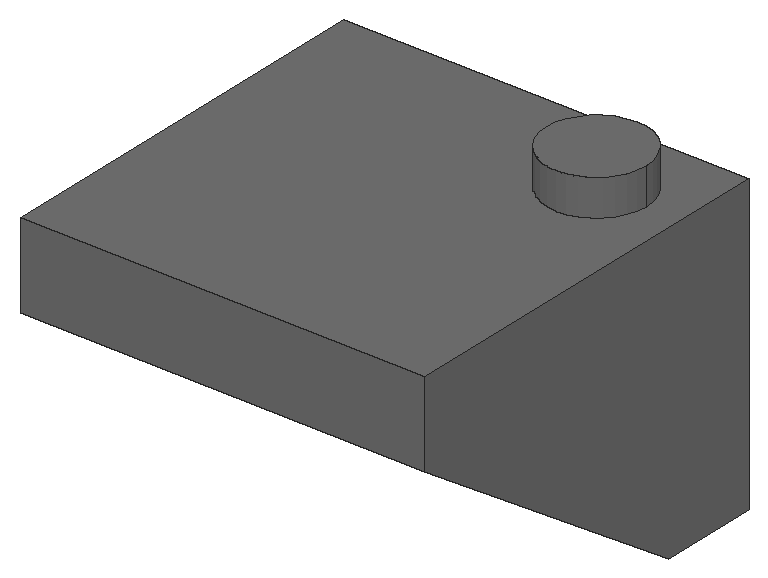
Revit family "v-50_509rh5(-s)_50Hz", category 機械設備, Revit 2019
Family settings
  丸型コネクタ寸法 = 直径を使用
  パーツ タイプ = 標準
  OmniClass 番号 = 23.75.35.17.27
  OmniClass タイトル = Centrifugal Fans
  作業面ベース = いいえ
  常に垂直 = はい
  ロード時にボイドで切り取り = いいえ
  共有 = いいえ
  部屋計算ポイント = いいえ
Parameters (values of type "V-50RH5")
  騒音レベル(dB(A)) = 49.5
  風量 = 600.0 m³/h
  電源種別 [instance] = ""
  電圧 = 100 V
  電動機出力 = 0 W
  電動機_種別 = ""
  集中コントローラ = ""
  運転質量 = 0.00 kg
  連動 [instance] = ""
  質量 = if(製品質量 > 運転質量, 製品質量, 運転質量) * 1.2  # 24.60 kg
  負荷分類 = 3_ファン類
  説明 = "レンジフードファン デルタキャッチ形"
  設計風量 = 0.0 m³/h
  設置方法 = "天吊"
  記号 [instance] = ""
  製造元 = "三菱電機株式会社"
  製品質量 = 20.50 kg
  製品出荷対象 = "国内"
  製品リリース年月 = "2022年6月1日"
  製品グループ = ""
  系統 [instance] = ""
  符号 = if(☑給気／□排気, "FS", "FE")  # "FE"
  積算_科目 = "2 換気設備"
  積算_拾い区分 [instance] = ""
  相 = 1
  盤記号 [instance] = ""
  発停方法 [instance] = ""
  特殊仕様 [instance] = ""
  火災停止 [instance] = ""
  消費電力 = 120 W
  法定耐用年数 = "15"
  機外静圧_排気 = 210.0 Pa
  機外静圧 = 0.0 Pa
  極数 = 2
  材質 [instance] = ""
  操作・制御方式 = ""
  操作・制御スイッチ = ""
  排気量 = 0.0 m³/h
  形式 = "片吸込形"
  幹線記号 [instance] = ""
  対象室 [instance] = ""
  実風量 = 0.0 m³/h
  始動方式 [instance] = "直入"
  天吊用穴_ピッチ = 520 mm
  天吊用穴_D = 300 mm
  外気量 = 0.0 m³/h
  呼称 = "遠心送風機"
  周波数 = 50 Hz
  参照している仕様書等のバージョン = ""
  分類コード = "50052503100060"
  分類グループ = ""
  価格 = 119000
  企業コード = "108420"
  付属品_フィルター_還気 = ""
  付属品_フィルター = ""
  付属品 [instance] = ""
  仕様書バージョン = "Version1.0"
  モデル = "V-50RH5"
  マテリアル = 鋼板(黒)
  ファンの種類 = ""
  ダクト径 = 150 mm
  コメント [instance] = ""
  Keynote = ""
  Assembly Code = ""
  ☑給気／□排気 = no
  Width = 600 mm
  W1 = Width / 2  # 300 mm
  Version = ""
  Uniclass2015Version = "Systems v1.9"
  Uniclass2015Title = "Centrifugal fans"
  Uniclass2015Code = "Pr_65_67_29_12"
  URL = "https://www.mitsubishielectric.co.jp/ldg/wink/ssl/displayProduct.do?pid=320886"
  SpecificationReference = ""
  SpecificationDescription = ""
  Revision = ""
  ProductInformation = ""
  OmniClassCode = "23-33 31 19 13 15"
  EAダクト接続口_後部 = no
  MIN風量 = 145.0 m³/h
  MIN静圧 = 0.0 Pa
  MID風量 = 420.0 m³/h
  MID静圧 = 0.0 Pa
  MAX風量 = 600.0 m³/h
  MAX静圧 = 0.0 Pa
  IfcTypeProduct = ""
  IfcProduct = ""
  IfcExportType = "CENTRIFUGALFORWARDCURVED"
  IfcExportAs = "IfcFanType"
  Height = 440 mm
  H1 = 126 mm
  EAダクト接続口_上部左 = no
  EAダクト接続口_上部右 = yes
  EAサイズ_D = 148 mm
  Duct_Pitch = 350 mm
  Duct_Height = 54 mm
  Duct_D = 125 mm
  Duct_H = 100 mm
  Depth = 600 mm
  D1 = 148 mm
  Clearance Top = 0 mm
  Clearance Right = 0 mm
  Clearance Left = 0 mm
  Clearance Front = 0 mm
  Clearance Bottom = 0 mm
  Clearance Back = 0 mm
  Author = "三菱電機株式会社"
Types (4, lengths in mm): name | 質量 | 製品質量 | 価格 | モデル | マテリアル | Width | W1 | URL
  V-50RH5 | 24.60 kg | 20.50 kg | 119000 | "V-50RH5" | 鋼板(黒) | 600 | 300 | "https://www.mitsubishielectric.co.jp/ldg/wink/ssl/displayProduct.do?pid=320886"
  V-507RH5 | 27.00 kg | 22.50 kg | 133900 | "V-507RH5" | 鋼板(黒) | 750 | 375 | "https://www.mitsubishielectric.co.jp/ldg/wink/ssl/displayProduct.do?pid=320855"
  V-509RH5 | 29.40 kg | 24.50 kg | 171200 | "V-509RH5" | 鋼板(黒) | 900 | 450 | "https://www.mitsubishielectric.co.jp/ldg/wink/ssl/displayProduct.do?pid=320857"
  V-507RH5-S | 27.00 kg | 22.50 kg | 178900 | "V-507RH5-S" | 鋼板(シルバー) | 750 | 375 | "https://www.mitsubishielectric.co.jp/ldg/wink/ssl/displayProduct.do?pid=320856"
Reference planes
  plane 1 "中心(正面/背面)": y = 0
  plane 2: z = 0
  plane 3 "中心(左/右)": x = 0
  plane 4: x = -300
  plane 5: x = 300
  plane 6: y = -600
  plane 7: z = -440
  plane 8: z = -126
  plane 9: z = 54
  plane 10: y = -300
  plane 11: y = -148
  plane 12: x = -175
  plane 13: x = 175
  plane 14: y = -125
  plane 15: z = -100
  plane 16: y = 54
  plane 17: x = -150
  plane 18: x = 150
  plane 19: x = -260
  plane 20: x = 260
  plane 21: y = -300
Forms (mm)
  Extrusion 1, solid, material "鋼板(黒)" <- "マテリアル", detail levels fine
    sketch origin (0, 0, 0) x (1, 0, 0) y (0, 1, 0)
      loop
        line (-300, 0) -> (-300, -148) -> (300, -148) -> (300, 0) -> (-300, 0)
    from -440 to 0
  Blend 2, solid, material "鋼板(黒)" <- "マテリアル", detail levels fine
    base sketch origin (0, 0, 0) x (1, 0, 0) y (0, 0, 1)
      loop
        line (-300, -440) -> (300, -440) -> (300, 0) -> (-300, 0) -> (-300, -440)
    top sketch origin (0, 0, 0) x (1, 0, 0) y (0, 0, 1)
      loop
        line (-300, -126) -> (300, -126) -> (300, 0) -> (-300, 0) -> (-300, -126)
    from 148 to 600
  Extrusion 3, solid, material "鋼板(黒)" <- "マテリアル", visible <- "EAダクト接続口_上部右", detail levels fine
    sketch origin (0, 0, 0) x (1, 0, 0) y (0, 1, 0)
      loop
        circle (175, -125) r 74
    from 0 to 54
  Extrusion 4, solid, material "鋼板(黒)" <- "マテリアル", visible <- "EAダクト接続口_上部左", detail levels fine
    sketch origin (0, 0, 0) x (1, 0, 0) y (0, 1, 0)
      loop
        circle (-175, -125) r 74
    from 0 to 54
  Extrusion 5, solid, material "鋼板(黒)" <- "マテリアル", visible <- "EAダクト接続口_後部", detail levels fine
    sketch origin (0, 0, 0) x (1, 0, 0) y (0, 0, 1)
      loop
        circle (0, -100) r 74
    from -54 to 0
Cuts and joins
  joined: Extrusion 1, Blend 2
Lines and regions (mm)
  Masking region 1, detail levels coarse+medium
    outline origin (1326.5, 29, 0) x (1, 0, 0) y (0, 1, 0)
      loop
        line (-1626.5, -29) -> (-1626.5, -629) -> (-1026.5, -629) -> (-1026.5, -29) -> (-1626.5, -29)
  symbolic lines, detail levels coarse+medium
    curve 1: circle (-150, -300, 0) r 150 normal (0, 0, 1)
    curve 2: circle (150, -300, 0) r 150 normal (0, 0, 1)
Dimensions and locks
  equal spacing: plane 4, plane 3 "中心(左/右)", plane 5
  "Width": plane 4 to plane 5
  equal spacing: plane 6, plane 10, plane 1 "中心(正面/背面)"
  "Depth": plane 1 "中心(正面/背面)" to plane 6
  "D1": plane 1 "中心(正面/背面)" to plane 11
  equal spacing: plane 12, plane 3 "中心(左/右)", plane 13
  "Duct_Pitch": plane 12 to plane 13
  "Duct_D": plane 1 "中心(正面/背面)" to plane 14
  "Height": level to plane 7
  "H1": level to plane 8
  "Duct_Height": plane 9 to level
  "Duct_H": level to plane 15
  "Duct_Height": plane 16 to plane 1 "中心(正面/背面)"
  equal spacing: plane 4, plane 17, plane 3 "中心(左/右)"
  equal spacing: plane 3 "中心(左/右)", plane 18, plane 5
  equal spacing: plane 19, plane 3 "中心(左/右)", plane 20
  "天吊用穴_ピッチ": plane 19 to plane 20
  "天吊用穴_D": plane 1 "中心(正面/背面)" to plane 21
  "EAサイズ_D": diameter of Extrusion 3 sketch curve
  "EAサイズ_D": diameter of Extrusion 4 sketch curve
  "EAサイズ_D": diameter of Extrusion 5 sketch curve
  "W1": diameter of curve 1
  "W1": diameter of curve 2
  aligned and locked: level to plane 2
  aligned and locked: Masking region 1 to plane 4
  aligned and locked: plane 5 to Masking region 1
  aligned and locked: Masking region 1 to plane 6
  aligned and locked: Masking region 1 to plane 1 "中心(正面/背面)"
  aligned and locked: plane 1 "中心(正面/背面)" to Extrusion 1 sketch curve
  aligned and locked: plane 4 to Extrusion 1 sketch curve
  aligned and locked: plane 11 to Extrusion 1 sketch curve
  aligned and locked: Extrusion 1 sketch curve to plane 5
  aligned and locked: Blend 2 sketch curve to plane 7
  aligned and locked: level to Blend 2 sketch curve  (x2)
  aligned and locked: Blend 2 sketch curve to plane 5
  aligned and locked: Blend 2 sketch curve to plane 8
  aligned and locked: Blend 2 sketch curve to plane 4
  aligned and locked: var sketch to Blend 2 sketch curve
  aligned and locked: Extrusion 1 to plane 7
  aligned and locked: level to Extrusion 1
  aligned and locked: Blend 2 to plane 6
  aligned and locked: plane 11 to Blend 2
  aligned and locked: plane 9 to Extrusion 3
  aligned and locked: Extrusion 3 to level
  aligned and locked: plane 9 to Extrusion 4
  aligned and locked: Extrusion 4 to level
  aligned and locked: plane 16 to Extrusion 5
  aligned and locked: plane 1 "中心(正面/背面)" to Extrusion 5
  aligned and locked: nested 1 to plane 21
  aligned and locked: plane 19 to nested 1
  aligned and locked: plane 20 to nested 1
Automatic sketch dimensions
  Masking region 1 sketch curve to plane 4 = 0 mm
  Masking region 1 sketch curve to plane 5 = 0 mm
  Masking region 1 sketch curve to plane 6 = 0 mm
  plane 1 "中心(正面/背面)" to Masking region 1 sketch curve = 0 mm
  Blend 2 sketch curve to plane 4 = 0 mm
  Extrusion 3 sketch curve to plane 13 = 0 mm
  Extrusion 3 sketch curve to plane 14 = 0 mm
  Extrusion 4 sketch curve to plane 12 = 0 mm
  Extrusion 4 sketch curve to plane 14 = 0 mm
  Extrusion 5 sketch curve to plane 3 "中心(左/右)" = 0 mm
  Extrusion 5 sketch curve to plane 15 = 0 mm
  curve 1 to plane 10 = 0 mm
  curve 1 to plane 17 = 0 mm
  curve 2 to plane 10 = 0 mm
  curve 2 to plane 18 = 0 mm
Nested families
  nested 1: "固定点" at (-260, -300, 0), type "固定点"
    with W 520 mm, D 1000 mm
Connectors
  hvac at (175, -125, 54), driven by "ダクト径", driven by "機外静圧", driven by "風量"
    settings: on Extrusion 3, index 1, duct flow 600.0 m³/h, flow factor 0, pres drop 0.0 Pa, loss coef 0, conn angle 0.00°, conn width 304.8 mm, conn height 304.8 mm, conn diameter 150 mm, duct sys type 3, conn prof type 0, flow config 0, flow direction 2, loss method 4, conn ref index -1, conn util no, is conn primary yes, conn desc ""
  hvac at (-175, -125, 54), driven by "ダクト径", driven by "機外静圧", driven by "風量"
    settings: on Extrusion 4, index 2, duct flow 600.0 m³/h, flow factor 0, pres drop 0.0 Pa, loss coef 0, conn angle 0.00°, conn width 304.8 mm, conn height 304.8 mm, conn diameter 150 mm, duct sys type 3, conn prof type 0, flow config 0, flow direction 2, loss method 4, conn ref index -1, conn util no, is conn primary no, conn desc ""
  hvac at (0, 54, -100), driven by "ダクト径", driven by "機外静圧", driven by "風量"
    settings: on Extrusion 5, index 3, duct flow 600.0 m³/h, flow factor 0, pres drop 0.0 Pa, loss coef 0, conn angle 0.00°, conn width 304.8 mm, conn height 304.8 mm, conn diameter 150 mm, duct sys type 3, conn prof type 0, flow config 0, flow direction 2, loss method 4, conn ref index -1, conn util no, is conn primary no, conn desc ""
  electrical at (0, -300, 0), driven by "極数", driven by "負荷分類", driven by "電圧", driven by "消費電力"
    settings: on cut or joined group of Extrusion 1, Blend 2, index 4, voltage 100 V, apparent load 120 VA, apparent load phase1 0 VA, apparent load phase2 0 VA, apparent load phase3 0 VA, power factor 1, load classification "3_ファン類", number of poles 2, system type 30, power factor state 1, is connector primary yes, connector utility no, sub classification motor no, connector description ""
Definition of nested family "固定点"
  Parameters (values of type "固定点")
    中心円 = 20 mm
    W [instance] = 1000 mm
    D [instance] = 1000 mm
  Reference planes
    plane 1 "中心(正面/背面)": y = 0
    plane 2: z = 0
    plane 3 "中心(左/右)": x = 0
    plane 4: x = 1000
  Lines and regions (mm)
    symbolic lines, detail levels fine
      curve 1: circle (0, 0, 0) r 10 normal (0, 0, 1)
      curve 2: circle (1000, 0, 0) r 10 normal (0, 0, 1)
      curve 3: line (-200, 0, 0) -> (1200, 0, 0)
      curve 4: line (0, 200, 0) -> (0, -200, 0)
      curve 5: line (1000, 200, 0) -> (1000, -200, 0)
  Dimensions and locks
    "W": plane 3 "中心(左/右)" to plane 4
    "中心円": diameter of curve 1
    "中心円": diameter of curve 2
    aligned and locked: level to plane 2
    aligned and locked: plane 3 "中心(左/右)" to curve 1
    aligned and locked: plane 1 "中心(正面/背面)" to curve 1
    aligned and locked: plane 1 "中心(正面/背面)" to curve 2
    aligned and locked: plane 4 to curve 2
    aligned and locked: plane 1 "中心(正面/背面)" to curve 3
    aligned and locked: curve 4 to plane 3 "中心(左/右)"
    aligned and locked: curve 5 to plane 4
  Automatic sketch dimensions
    curve 3 to plane 3 "中心(左/右)" = 200 mm
    curve 2 to curve 3 = 200 mm
    plane 1 "中心(正面/背面)" to curve 4 = 200 mm
    plane 1 "中心(正面/背面)" to curve 5 = 200 mm
    curve 5 to plane 1 "中心(正面/背面)" = 200 mm
    curve 4 to plane 1 "中心(正面/背面)" = 200 mm
